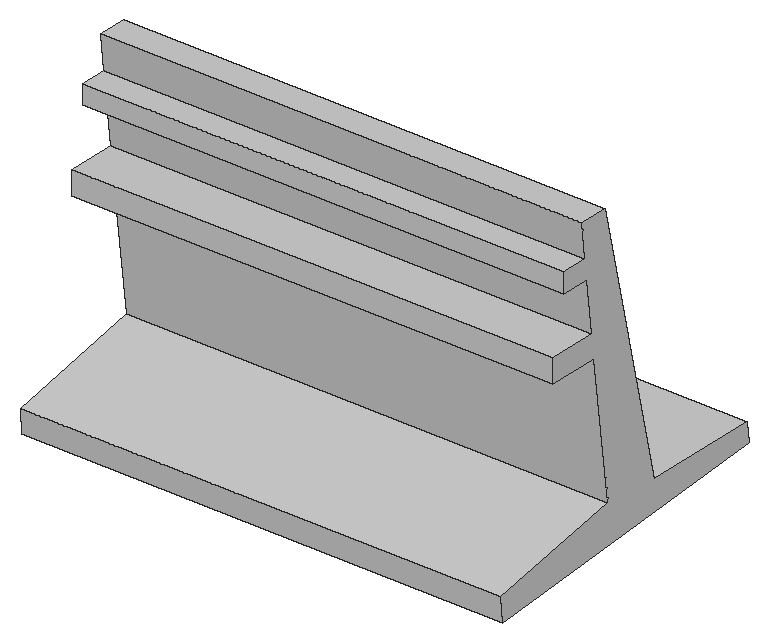
Revit family "M_ParedesdeRetenção_Par_Família_Prateleira2", category Fundações estruturais, Revit 2019
Family settings
  Material para o comportamento do modelo = Outros
  Cap = Não
  Número OmniClass = 23.10.20.14
  Título OmniClass = Retaining Walls
  ID de item do Seek = RetainingWall_Par_Family_Shelf2-0000-CAN-ENU
  Com base no plano de trabalho = Não
  Sempre na vertical = Sim
  Corte com vazios quando carregada = Não
  Compartilhado = Não
Parameters (values of type "Padrão")
  hdiff = h3 - h4  # 52.686 mm
  h7 = h4 - h6  # 2837.275 mm
  h6 = Gw1 * tan(Alfa - Beta)  # -10.476 mm
  h4 = (H - Gf3 * cos(Alfa) + Bw * sin(Alfa)) / cos(Beta)  # 2826.799 mm
  h3 = (H - Gf3 * cos(Alfa) + (Bw + Gw2) * sin(Alfa)) / cos(Beta)  # 2879.485 mm
  h2 = (Bw + Gw2) * sin(Alfa)  # 156.88 mm
  h1 = Gf4 * cos(Alfa)  # 398.478 mm
  TmpBs2 = Gf4 * sin(Alfa) + (Bw + Gw2) * cos(Alfa) + (H - Hs2 - Gs2 - h1 + h2) * sin(Beta) + Bs2  # 2540.873 mm
  TmpBs1 = Gf4 * sin(Alfa) + (Bw + Gw2) * cos(Alfa) + (H - Hs1 - Gs1 - h1 + h2) * sin(Beta) + Bs1  # 2395.931 mm
  Tmp2 = (Bw + Gf3 * tan(Alfa - Gama)) * cos(Alfa - Gama)  # 1146.31 mm
  Tmp1 = (Bw + Gw2 + Gf4 * tan(Alfa - Beta)) * cos(Alfa - Beta)  # 1784.944 mm
  Structural Material [instance] = Concreto - Moldado in loco
  Comprimento = 5000 mm
  Hs2 = 1100 mm
  Hs1 = 360 mm
  H = 3000 mm
  Gw2 = 600 mm
  Gw1 = 300 mm
  Gs2 = 240 mm
  Gs1 = 200 mm
  Gf4 = 400 mm
  Gf3 = 300 mm
  Gf2 = 250 mm
  Gf1 = 200 mm
  Gama2 = atan((Gw2 * cos(Alfa - Beta) - Gw1 * cos(Alfa - Beta)) / h7)  # 6.03211°
  Gama = Gama2 + Beta  # 13.0321°
  Bw = 1200 mm
  Bs2 = 540 mm
  Bs1 = 300 mm
  Beta = 7.00°
  B = 3200 mm
  Assembly Code = ""
  Alfa = 5.00°
Reference planes
  plane 1 "Centro (Frente/Trás)": y = 0
  plane 2: z = 0
  plane 3 "Centro (Esquerda/Direita)": x = 0
  plane 4: z = 3000
  plane 5: x = 5000
  plane 6: z = 2640
  plane 7: z = 2440
  plane 8: y = -2395.931
  plane 9: z = 1900
  plane 10: z = 1660
  plane 11: y = -2540.873
Forms (mm)
  Sweep 1, solid, material "Concreto - Moldado in loco" <- "Structural Material"
    path origin (0, 0, 0) x (1, 0, 0) y (0, 1, 0)
      loop
        line (0, 0) -> (5000, 0)
    profile "M_Prateleira2-Perfil : M_Prateleira2-Perfil" origin (2500, 0, 0) x (0, 1, 0) y (0, 0, 1)
      loop
        line (-1870.99, 3000) -> (-2166.702, 3000) -> (-2122.5, 2640) -> (-2395.931, 2640) -> (-2395.931, 2440) -> (-2097.943, 2440) -> (-2031.639, 1900) -> (-2540.873, 1900) -> (-2540.873, 1660) -> (-2002.171, 1660) -> (-1828.013, 241.598) -> (-3209.612, -29.85) -> (-3187.823, -278.898) -> (0, 0) -> (-17.431, 199.239) -> (-1221.58, 194.272) -> (-1870.99, 3000)
Dimensions and locks
  "H": plane 4 to plane 2
  "Comprimento": plane 3 "Centro (Esquerda/Direita)" to plane 5
  "Hs1": plane 4 to plane 6
  "Gs1": plane 6 to plane 7
  "TmpBs1": plane 8 to plane 1 "Centro (Frente/Trás)"
  "Hs2": plane 4 to plane 9
  "Gs2": plane 9 to plane 10
  "TmpBs2": plane 1 "Centro (Frente/Trás)" to plane 11
  aligned and locked: plane 1 "Centro (Frente/Trás)" to Sweep 1 sketch curve
  aligned and locked: plane 3 "Centro (Esquerda/Direita)" to Sweep 1 sketch curve
  aligned and locked: plane 5 to Sweep 1 sketch curve
